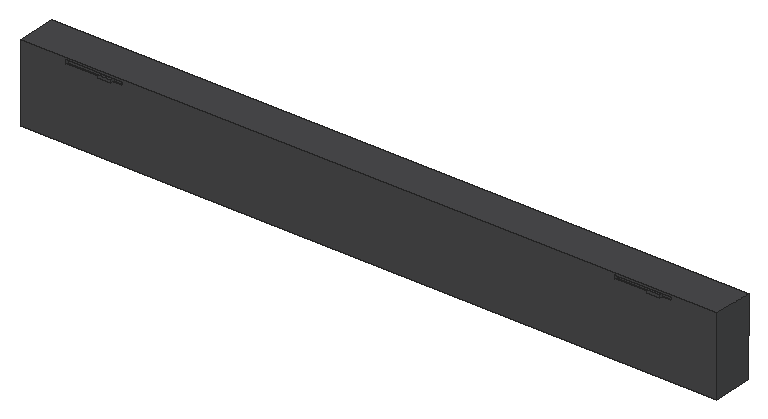
Revit family "DOT BLOCK CEILLING 646_DTSM30W6.1.24", category Luminarias, Revit 2019
Family settings
  Cota de conector redondo = Diámetro de uso
  Tipo de pieza = Normal
  Se basa en plano de trabajo = Sí
  Siempre vertical = Sí
  Corte con vacíos al cargar = No
  Origen de luz = Sí
  Compartido = No
  Punto de cálculo de habitación = No
Parameters (values of type "DOT BLOCK CEILLING 646_DTSM30W6.1.24")
  Ángulo de inclinación = 60.00°
  Zone [instance] = ""
  Watt per fixture = 30
  Wattage = 30 W
  built-in parameter 1150107 = 3000 (stored number, unit not read)
  built-in parameter 1150110 = 1 (stored number, unit not read)
  built-in parameter 1150109 = 1 (stored number, unit not read)
  built-in parameter 1150112 = 1 (stored number, unit not read)
  built-in parameter 1150113 = 1 (stored number, unit not read)
  built-in parameter 1114218 = 1 (stored number, unit not read)
  Keynote = ""
  built-in parameter 1150137 = (empty or 0)
  built-in parameter 1150132 = (empty or 0)
  Modelo = "DTSM30W6.1.24"
  Lámpara = "3030SMD PHILIPS"
  built-in parameter 1150105 = 202.92 (stored number, unit not read)
  built-in parameter 1150102 = (empty or 0)
  built-in parameter 1150106 = 2.0292 (stored number, unit not read)
  Lumens = 2550 lm
  Color Filter = 16777215
  built-in parameter 1114217 = 1 (stored number, unit not read)
  built-in parameter 1150139 = (empty or 0)
  Fabricante = "BRILLANT"
  Default Elevation = 1219.2 mm
  built-in parameter 1150104 = 7.8968 (stored number, unit not read)
  Descripción = "LUMINARIA DOWNLIGHT EN FORMATO RECTANGULAR PARA SOBREPONER DIRECTO EN TECHO, CUERPO DE ALUMINIO ACABADO EN COLOR NEGRO, IP 20, PESO 1.40Kg, TIPO DE LED 3030SMD PHILIPS CON 30W TOTAL, 1400 LUMENES, 85LM/W, IRC 90, TEMPERATURA EN BLANCO CALIDO 3000K, 50 MIL HORAS DE VIDA PROMEDIO, APERTURA DE 24 GRADOS POR STOCK, ALIMENTADO A 90-240V"
  built-in parameter 1150115 = 1 (stored number, unit not read)
  built-in parameter 1150114 = 1 (stored number, unit not read)
  Comentarios de vataje = "90-240V"
  built-in parameter 1150138 = (empty or 0)
  built-in parameter 1150134 = (empty or 0)
  Circuit [instance] = ""
  Dimming Lamp Color Temperature Shift = (empty or 0)
  Archivo de red fotométrica = "L646A-30W-830-B-24_IESNA95.IES"
  built-in parameter 1150133 = 10 (stored number, unit not read)
Reference planes
  plane 1 "Centro (Frontal/Posterior)": y = 0
  plane 2: z = 0
  plane 3 "Centro (Izquierda/Derecha)": x = 0
Forms (mm)
  Extrusion 1, solid, material "Default Form", not visible
    sketch origin (0, 0, 0) x (1, 0, 0) y (0, 0, 1)
      loop
        line (-473, 0) -> (-473, -72) -> (473, -72) -> (473, 0) -> (-473, 0)
    from -18.326 to 18.326
  Blend 2, void, not visible
    base sketch origin (-293.63, 0, 0) x (1, 0, 0) y (0, 1, 0)
      loop
        line (-162, 16.149) -> (-162, -16.149) -> (-144.14, -16.149) -> (-144.14, 16.149) -> (-162, 16.149)
    top sketch origin (-293.63, 0, 0) x (1, 0, 0) y (0, 1, 0)
      loop
        line (-160, 12.149) -> (-160, -12.149) -> (-146.14, -12.149) -> (-146.14, 12.149) -> (-160, 12.149)
    from -72 to -61.591
  Blend 3, void, not visible
    base sketch origin (-267.33, 0, 0) x (1, 0, 0) y (0, 1, 0)
      loop
        line (-162, 16.149) -> (-162, -16.149) -> (-144.14, -16.149) -> (-144.14, 16.149) -> (-162, 16.149)
    top sketch origin (-267.33, 0, 0) x (1, 0, 0) y (0, 1, 0)
      loop
        line (-160, 12.149) -> (-160, -12.149) -> (-146.14, -12.149) -> (-146.14, 12.149) -> (-160, 12.149)
    from -72 to -61.591
  Blend 4, void, not visible
    base sketch origin (-241.03, 0, 0) x (1, 0, 0) y (0, 1, 0)
      loop
        line (-162, 16.149) -> (-162, -16.149) -> (-144.14, -16.149) -> (-144.14, 16.149) -> (-162, 16.149)
    top sketch origin (-241.03, 0, 0) x (1, 0, 0) y (0, 1, 0)
      loop
        line (-160, 12.149) -> (-160, -12.149) -> (-146.14, -12.149) -> (-146.14, 12.149) -> (-160, 12.149)
    from -72 to -61.591
  Blend 5, void, not visible
    base sketch origin (-214.73, 0, 0) x (1, 0, 0) y (0, 1, 0)
      loop
        line (-162, 16.149) -> (-162, -16.149) -> (-144.14, -16.149) -> (-144.14, 16.149) -> (-162, 16.149)
    top sketch origin (-214.73, 0, 0) x (1, 0, 0) y (0, 1, 0)
      loop
        line (-160, 12.149) -> (-160, -12.149) -> (-146.14, -12.149) -> (-146.14, 12.149) -> (-160, 12.149)
    from -72 to -61.591
  Blend 6, void, not visible
    base sketch origin (-188.43, 0, 0) x (1, 0, 0) y (0, 1, 0)
      loop
        line (-162, 16.149) -> (-162, -16.149) -> (-144.14, -16.149) -> (-144.14, 16.149) -> (-162, 16.149)
    top sketch origin (-188.43, 0, 0) x (1, 0, 0) y (0, 1, 0)
      loop
        line (-160, 12.149) -> (-160, -12.149) -> (-146.14, -12.149) -> (-146.14, 12.149) -> (-160, 12.149)
    from -72 to -61.591
  Blend 7, void, not visible
    base sketch origin (-162.13, 0, 0) x (1, 0, 0) y (0, 1, 0)
      loop
        line (-162, 16.149) -> (-162, -16.149) -> (-144.14, -16.149) -> (-144.14, 16.149) -> (-162, 16.149)
    top sketch origin (-162.13, 0, 0) x (1, 0, 0) y (0, 1, 0)
      loop
        line (-160, 12.149) -> (-160, -12.149) -> (-146.14, -12.149) -> (-146.14, 12.149) -> (-160, 12.149)
    from -72 to -61.591
  Blend 8, void, not visible
    base sketch origin (-135.83, 0, 0) x (1, 0, 0) y (0, 1, 0)
      loop
        line (-162, 16.149) -> (-162, -16.149) -> (-144.14, -16.149) -> (-144.14, 16.149) -> (-162, 16.149)
    top sketch origin (-135.83, 0, 0) x (1, 0, 0) y (0, 1, 0)
      loop
        line (-160, 12.149) -> (-160, -12.149) -> (-146.14, -12.149) -> (-146.14, 12.149) -> (-160, 12.149)
    from -72 to -61.591
  Blend 9, void, not visible
    base sketch origin (-109.53, 0, 0) x (1, 0, 0) y (0, 1, 0)
      loop
        line (-162, 16.149) -> (-162, -16.149) -> (-144.14, -16.149) -> (-144.14, 16.149) -> (-162, 16.149)
    top sketch origin (-109.53, 0, 0) x (1, 0, 0) y (0, 1, 0)
      loop
        line (-160, 12.149) -> (-160, -12.149) -> (-146.14, -12.149) -> (-146.14, 12.149) -> (-160, 12.149)
    from -72 to -61.591
  Blend 10, void, not visible
    base sketch origin (-83.23, 0, 0) x (1, 0, 0) y (0, 1, 0)
      loop
        line (-162, 16.149) -> (-162, -16.149) -> (-144.14, -16.149) -> (-144.14, 16.149) -> (-162, 16.149)
    top sketch origin (-83.23, 0, 0) x (1, 0, 0) y (0, 1, 0)
      loop
        line (-160, 12.149) -> (-160, -12.149) -> (-146.14, -12.149) -> (-146.14, 12.149) -> (-160, 12.149)
    from -72 to -61.591
  Blend 11, void, not visible
    base sketch origin (-56.93, 0, 0) x (1, 0, 0) y (0, 1, 0)
      loop
        line (-162, 16.149) -> (-162, -16.149) -> (-144.14, -16.149) -> (-144.14, 16.149) -> (-162, 16.149)
    top sketch origin (-56.93, 0, 0) x (1, 0, 0) y (0, 1, 0)
      loop
        line (-160, 12.149) -> (-160, -12.149) -> (-146.14, -12.149) -> (-146.14, 12.149) -> (-160, 12.149)
    from -72 to -61.591
  Blend 12, void, not visible
    base sketch origin (-30.63, 0, 0) x (1, 0, 0) y (0, 1, 0)
      loop
        line (-162, 16.149) -> (-162, -16.149) -> (-144.14, -16.149) -> (-144.14, 16.149) -> (-162, 16.149)
    top sketch origin (-30.63, 0, 0) x (1, 0, 0) y (0, 1, 0)
      loop
        line (-160, 12.149) -> (-160, -12.149) -> (-146.14, -12.149) -> (-146.14, 12.149) -> (-160, 12.149)
    from -72 to -61.591
  Blend 13, void, not visible
    base sketch origin (-4.33, 0, 0) x (1, 0, 0) y (0, 1, 0)
      loop
        line (-162, 16.149) -> (-162, -16.149) -> (-144.14, -16.149) -> (-144.14, 16.149) -> (-162, 16.149)
    top sketch origin (-4.33, 0, 0) x (1, 0, 0) y (0, 1, 0)
      loop
        line (-160, 12.149) -> (-160, -12.149) -> (-146.14, -12.149) -> (-146.14, 12.149) -> (-160, 12.149)
    from -72 to -61.591
  Blend 14, void, not visible
    base sketch origin (21.97, 0, 0) x (1, 0, 0) y (0, 1, 0)
      loop
        line (-162, 16.149) -> (-162, -16.149) -> (-144.14, -16.149) -> (-144.14, 16.149) -> (-162, 16.149)
    top sketch origin (21.97, 0, 0) x (1, 0, 0) y (0, 1, 0)
      loop
        line (-160, 12.149) -> (-160, -12.149) -> (-146.14, -12.149) -> (-146.14, 12.149) -> (-160, 12.149)
    from -72 to -61.591
  Blend 15, void, not visible
    base sketch origin (48.27, 0, 0) x (1, 0, 0) y (0, 1, 0)
      loop
        line (-162, 16.149) -> (-162, -16.149) -> (-144.14, -16.149) -> (-144.14, 16.149) -> (-162, 16.149)
    top sketch origin (48.27, 0, 0) x (1, 0, 0) y (0, 1, 0)
      loop
        line (-160, 12.149) -> (-160, -12.149) -> (-146.14, -12.149) -> (-146.14, 12.149) -> (-160, 12.149)
    from -72 to -61.591
  Blend 16, void, not visible
    base sketch origin (74.57, 0, 0) x (1, 0, 0) y (0, 1, 0)
      loop
        line (-162, 16.149) -> (-162, -16.149) -> (-144.14, -16.149) -> (-144.14, 16.149) -> (-162, 16.149)
    top sketch origin (74.57, 0, 0) x (1, 0, 0) y (0, 1, 0)
      loop
        line (-160, 12.149) -> (-160, -12.149) -> (-146.14, -12.149) -> (-146.14, 12.149) -> (-160, 12.149)
    from -72 to -61.591
  Blend 17, void, not visible
    base sketch origin (100.87, 0, 0) x (1, 0, 0) y (0, 1, 0)
      loop
        line (-162, 16.149) -> (-162, -16.149) -> (-144.14, -16.149) -> (-144.14, 16.149) -> (-162, 16.149)
    top sketch origin (100.87, 0, 0) x (1, 0, 0) y (0, 1, 0)
      loop
        line (-160, 12.149) -> (-160, -12.149) -> (-146.14, -12.149) -> (-146.14, 12.149) -> (-160, 12.149)
    from -72 to -61.591
  Blend 18, void, not visible
    base sketch origin (127.17, 0, 0) x (1, 0, 0) y (0, 1, 0)
      loop
        line (-162, 16.149) -> (-162, -16.149) -> (-144.14, -16.149) -> (-144.14, 16.149) -> (-162, 16.149)
    top sketch origin (127.17, 0, 0) x (1, 0, 0) y (0, 1, 0)
      loop
        line (-160, 12.149) -> (-160, -12.149) -> (-146.14, -12.149) -> (-146.14, 12.149) -> (-160, 12.149)
    from -72 to -61.591
  Blend 19, void, not visible
    base sketch origin (153.47, 0, 0) x (1, 0, 0) y (0, 1, 0)
      loop
        line (-162, 16.149) -> (-162, -16.149) -> (-144.14, -16.149) -> (-144.14, 16.149) -> (-162, 16.149)
    top sketch origin (153.47, 0, 0) x (1, 0, 0) y (0, 1, 0)
      loop
        line (-160, 12.149) -> (-160, -12.149) -> (-146.14, -12.149) -> (-146.14, 12.149) -> (-160, 12.149)
    from -72 to -61.591
  Blend 20, void, not visible
    base sketch origin (179.77, 0, 0) x (1, 0, 0) y (0, 1, 0)
      loop
        line (-162, 16.149) -> (-162, -16.149) -> (-144.14, -16.149) -> (-144.14, 16.149) -> (-162, 16.149)
    top sketch origin (179.77, 0, 0) x (1, 0, 0) y (0, 1, 0)
      loop
        line (-160, 12.149) -> (-160, -12.149) -> (-146.14, -12.149) -> (-146.14, 12.149) -> (-160, 12.149)
    from -72 to -61.591
  Blend 21, void, not visible
    base sketch origin (206.07, 0, 0) x (1, 0, 0) y (0, 1, 0)
      loop
        line (-162, 16.149) -> (-162, -16.149) -> (-144.14, -16.149) -> (-144.14, 16.149) -> (-162, 16.149)
    top sketch origin (206.07, 0, 0) x (1, 0, 0) y (0, 1, 0)
      loop
        line (-160, 12.149) -> (-160, -12.149) -> (-146.14, -12.149) -> (-146.14, 12.149) -> (-160, 12.149)
    from -72 to -61.591
  Blend 22, void, not visible
    base sketch origin (232.37, 0, 0) x (1, 0, 0) y (0, 1, 0)
      loop
        line (-162, 16.149) -> (-162, -16.149) -> (-144.14, -16.149) -> (-144.14, 16.149) -> (-162, 16.149)
    top sketch origin (232.37, 0, 0) x (1, 0, 0) y (0, 1, 0)
      loop
        line (-160, 12.149) -> (-160, -12.149) -> (-146.14, -12.149) -> (-146.14, 12.149) -> (-160, 12.149)
    from -72 to -61.591
  Blend 23, void, not visible
    base sketch origin (258.67, 0, 0) x (1, 0, 0) y (0, 1, 0)
      loop
        line (-162, 16.149) -> (-162, -16.149) -> (-144.14, -16.149) -> (-144.14, 16.149) -> (-162, 16.149)
    top sketch origin (258.67, 0, 0) x (1, 0, 0) y (0, 1, 0)
      loop
        line (-160, 12.149) -> (-160, -12.149) -> (-146.14, -12.149) -> (-146.14, 12.149) -> (-160, 12.149)
    from -72 to -61.591
  Blend 24, void, not visible
    base sketch origin (284.97, 0, 0) x (1, 0, 0) y (0, 1, 0)
      loop
        line (-162, 16.149) -> (-162, -16.149) -> (-144.14, -16.149) -> (-144.14, 16.149) -> (-162, 16.149)
    top sketch origin (284.97, 0, 0) x (1, 0, 0) y (0, 1, 0)
      loop
        line (-160, 12.149) -> (-160, -12.149) -> (-146.14, -12.149) -> (-146.14, 12.149) -> (-160, 12.149)
    from -72 to -61.591
  Blend 25, void, not visible
    base sketch origin (311.27, 0, 0) x (1, 0, 0) y (0, 1, 0)
      loop
        line (-162, 16.149) -> (-162, -16.149) -> (-144.14, -16.149) -> (-144.14, 16.149) -> (-162, 16.149)
    top sketch origin (311.27, 0, 0) x (1, 0, 0) y (0, 1, 0)
      loop
        line (-160, 12.149) -> (-160, -12.149) -> (-146.14, -12.149) -> (-146.14, 12.149) -> (-160, 12.149)
    from -72 to -61.591
  Blend 26, void, not visible
    base sketch origin (337.57, 0, 0) x (1, 0, 0) y (0, 1, 0)
      loop
        line (-162, 16.149) -> (-162, -16.149) -> (-144.14, -16.149) -> (-144.14, 16.149) -> (-162, 16.149)
    top sketch origin (337.57, 0, 0) x (1, 0, 0) y (0, 1, 0)
      loop
        line (-160, 12.149) -> (-160, -12.149) -> (-146.14, -12.149) -> (-146.14, 12.149) -> (-160, 12.149)
    from -72 to -61.591
  Blend 27, void, not visible
    base sketch origin (363.87, 0, 0) x (1, 0, 0) y (0, 1, 0)
      loop
        line (-162, 16.149) -> (-162, -16.149) -> (-144.14, -16.149) -> (-144.14, 16.149) -> (-162, 16.149)
    top sketch origin (363.87, 0, 0) x (1, 0, 0) y (0, 1, 0)
      loop
        line (-160, 12.149) -> (-160, -12.149) -> (-146.14, -12.149) -> (-146.14, 12.149) -> (-160, 12.149)
    from -72 to -61.591
  Blend 28, void, not visible
    base sketch origin (390.17, 0, 0) x (1, 0, 0) y (0, 1, 0)
      loop
        line (-162, 16.149) -> (-162, -16.149) -> (-144.14, -16.149) -> (-144.14, 16.149) -> (-162, 16.149)
    top sketch origin (390.17, 0, 0) x (1, 0, 0) y (0, 1, 0)
      loop
        line (-160, 12.149) -> (-160, -12.149) -> (-146.14, -12.149) -> (-146.14, 12.149) -> (-160, 12.149)
    from -72 to -61.591
  Blend 29, void, not visible
    base sketch origin (416.47, 0, 0) x (1, 0, 0) y (0, 1, 0)
      loop
        line (-162, 16.149) -> (-162, -16.149) -> (-144.14, -16.149) -> (-144.14, 16.149) -> (-162, 16.149)
    top sketch origin (416.47, 0, 0) x (1, 0, 0) y (0, 1, 0)
      loop
        line (-160, 12.149) -> (-160, -12.149) -> (-146.14, -12.149) -> (-146.14, 12.149) -> (-160, 12.149)
    from -72 to -61.591
  Blend 30, void, not visible
    base sketch origin (442.77, 0, 0) x (1, 0, 0) y (0, 1, 0)
      loop
        line (-162, 16.149) -> (-162, -16.149) -> (-144.14, -16.149) -> (-144.14, 16.149) -> (-162, 16.149)
    top sketch origin (442.77, 0, 0) x (1, 0, 0) y (0, 1, 0)
      loop
        line (-160, 12.149) -> (-160, -12.149) -> (-146.14, -12.149) -> (-146.14, 12.149) -> (-160, 12.149)
    from -72 to -61.591
  Blend 31, void, not visible
    base sketch origin (469.07, 0, 0) x (1, 0, 0) y (0, 1, 0)
      loop
        line (-162, 16.149) -> (-162, -16.149) -> (-144.14, -16.149) -> (-144.14, 16.149) -> (-162, 16.149)
    top sketch origin (469.07, 0, 0) x (1, 0, 0) y (0, 1, 0)
      loop
        line (-160, 12.149) -> (-160, -12.149) -> (-146.14, -12.149) -> (-146.14, 12.149) -> (-160, 12.149)
    from -72 to -61.591
  Blend 32, void, not visible
    base sketch origin (495.37, 0, 0) x (1, 0, 0) y (0, 1, 0)
      loop
        line (-162, 16.149) -> (-162, -16.149) -> (-144.14, -16.149) -> (-144.14, 16.149) -> (-162, 16.149)
    top sketch origin (495.37, 0, 0) x (1, 0, 0) y (0, 1, 0)
      loop
        line (-160, 12.149) -> (-160, -12.149) -> (-146.14, -12.149) -> (-146.14, 12.149) -> (-160, 12.149)
    from -72 to -61.591
  Blend 33, void, not visible
    base sketch origin (521.67, 0, 0) x (1, 0, 0) y (0, 1, 0)
      loop
        line (-162, 16.149) -> (-162, -16.149) -> (-144.14, -16.149) -> (-144.14, 16.149) -> (-162, 16.149)
    top sketch origin (521.67, 0, 0) x (1, 0, 0) y (0, 1, 0)
      loop
        line (-160, 12.149) -> (-160, -12.149) -> (-146.14, -12.149) -> (-146.14, 12.149) -> (-160, 12.149)
    from -72 to -61.591
  Blend 34, void, not visible
    base sketch origin (547.97, 0, 0) x (1, 0, 0) y (0, 1, 0)
      loop
        line (-162, 16.149) -> (-162, -16.149) -> (-144.14, -16.149) -> (-144.14, 16.149) -> (-162, 16.149)
    top sketch origin (547.97, 0, 0) x (1, 0, 0) y (0, 1, 0)
      loop
        line (-160, 12.149) -> (-160, -12.149) -> (-146.14, -12.149) -> (-146.14, 12.149) -> (-160, 12.149)
    from -72 to -61.591
  Blend 35, void, not visible
    base sketch origin (574.27, 0, 0) x (1, 0, 0) y (0, 1, 0)
      loop
        line (-162, 16.149) -> (-162, -16.149) -> (-144.14, -16.149) -> (-144.14, 16.149) -> (-162, 16.149)
    top sketch origin (574.27, 0, 0) x (1, 0, 0) y (0, 1, 0)
      loop
        line (-160, 12.149) -> (-160, -12.149) -> (-146.14, -12.149) -> (-146.14, 12.149) -> (-160, 12.149)
    from -72 to -61.591
  Blend 36, void, not visible
    base sketch origin (600.57, 0, 0) x (1, 0, 0) y (0, 1, 0)
      loop
        line (-162, 16.149) -> (-162, -16.149) -> (-144.14, -16.149) -> (-144.14, 16.149) -> (-162, 16.149)
    top sketch origin (600.57, 0, 0) x (1, 0, 0) y (0, 1, 0)
      loop
        line (-160, 12.149) -> (-160, -12.149) -> (-146.14, -12.149) -> (-146.14, 12.149) -> (-160, 12.149)
    from -72 to -61.591
  Extrusion 37, solid, not visible
    sketch origin (-463.861, 0, 3.217) x (0, -1, 0) y (0, 0, -1)
      loop
        line (18.326, 3.217) -> (-18.326, 3.217) -> (-18.326, 73.917) -> (-32.183, 73.917) -> (-32.183, 72.617) -> (-19.626, 72.617) -> (-19.626, 1.917) -> (19.626, 1.917) -> (19.626, 72.617) -> (32.183, 72.617) -> (32.183, 73.917) -> (18.326, 73.917) -> (18.326, 3.217)
    from 89.098 to 128.24
  Extrusion 38, solid, not visible
    sketch origin (-246.523, 0, 3.217) x (0, -1, 0) y (0, 0, 1)
      loop
        line (-19.626, -1.917) -> (19.626, -1.917) -> (19.626, -63.89) -> (20.426, -63.89) -> (20.426, -1.117) -> (-20.426, -1.117) -> (-20.426, -63.89) -> (-19.626, -63.89) -> (-19.626, -1.917)
    from 122.954 to 124.098
  Extrusion 39, solid, not visible
    sketch origin (-463.861, 0, 3.217) x (0, -1, 0) y (0, 0, -1)
      loop
        line (-19.626, 1.917) -> (-19.626, 63.89) -> (-20.426, 63.89) -> (-20.426, 1.117) -> (20.426, 1.117) -> (20.426, 63.89) -> (19.626, 63.89) -> (19.626, 1.917) -> (-19.626, 1.917)
    from 122.954 to 124.098
  Extrusion 40, void, not visible
    sketch origin (0, 0, 0) x (1, 0, 0) y (0, 1, 0)
      loop
        circle (-363.799, -25.904) r 2.055
      loop
        circle (-346.585, -25.904) r 2.055
      loop
        circle (-363.799, 25.904) r 2.055
      loop
        circle (-346.585, 25.904) r 2.055
    from -70.7 to -69.4
  Blend 41, void
    base sketch origin (74.57, 130.851, 72) x (1, 0, 0) y (0, 1, 0)
      loop
        line (-162, -147) -> (-144.14, -147) -> (-144.14, -114.702) -> (-162, -114.702) -> (-162, -147)
    top sketch origin (74.57, 130.851, 72) x (1, 0, 0) y (0, 1, 0)
      loop
        line (-160, -143) -> (-146.14, -143) -> (-146.14, -118.702) -> (-160, -118.702) -> (-160, -143)
    from -72 to -61.591
  Blend 42, void
    base sketch origin (100.87, 130.851, 72) x (1, 0, 0) y (0, 1, 0)
      loop
        line (-162, -147) -> (-144.14, -147) -> (-144.14, -114.702) -> (-162, -114.702) -> (-162, -147)
    top sketch origin (100.87, 130.851, 72) x (1, 0, 0) y (0, 1, 0)
      loop
        line (-160, -143) -> (-146.14, -143) -> (-146.14, -118.702) -> (-160, -118.702) -> (-160, -143)
    from -72 to -61.591
  Blend 43, void
    base sketch origin (127.17, 130.851, 72) x (1, 0, 0) y (0, 1, 0)
      loop
        line (-162, -147) -> (-144.14, -147) -> (-144.14, -114.702) -> (-162, -114.702) -> (-162, -147)
    top sketch origin (127.17, 130.851, 72) x (1, 0, 0) y (0, 1, 0)
      loop
        line (-160, -143) -> (-146.14, -143) -> (-146.14, -118.702) -> (-160, -118.702) -> (-160, -143)
    from -72 to -61.591
  Blend 44, void
    base sketch origin (153.47, 130.851, 72) x (1, 0, 0) y (0, 1, 0)
      loop
        line (-162, -147) -> (-144.14, -147) -> (-144.14, -114.702) -> (-162, -114.702) -> (-162, -147)
    top sketch origin (153.47, 130.851, 72) x (1, 0, 0) y (0, 1, 0)
      loop
        line (-160, -143) -> (-146.14, -143) -> (-146.14, -118.702) -> (-160, -118.702) -> (-160, -143)
    from -72 to -61.591
  Blend 45, void
    base sketch origin (179.77, 130.851, 72) x (1, 0, 0) y (0, 1, 0)
      loop
        line (-162, -147) -> (-144.14, -147) -> (-144.14, -114.702) -> (-162, -114.702) -> (-162, -147)
    top sketch origin (179.77, 130.851, 72) x (1, 0, 0) y (0, 1, 0)
      loop
        line (-160, -143) -> (-146.14, -143) -> (-146.14, -118.702) -> (-160, -118.702) -> (-160, -143)
    from -72 to -61.591
  Blend 46, void
    base sketch origin (206.07, 130.851, 72) x (1, 0, 0) y (0, 1, 0)
      loop
        line (-162, -147) -> (-144.14, -147) -> (-144.14, -114.702) -> (-162, -114.702) -> (-162, -147)
    top sketch origin (206.07, 130.851, 72) x (1, 0, 0) y (0, 1, 0)
      loop
        line (-160, -143) -> (-146.14, -143) -> (-146.14, -118.702) -> (-160, -118.702) -> (-160, -143)
    from -72 to -61.591
  Blend 47, void
    base sketch origin (232.37, 130.851, 72) x (1, 0, 0) y (0, 1, 0)
      loop
        line (-162, -147) -> (-144.14, -147) -> (-144.14, -114.702) -> (-162, -114.702) -> (-162, -147)
    top sketch origin (232.37, 130.851, 72) x (1, 0, 0) y (0, 1, 0)
      loop
        line (-160, -143) -> (-146.14, -143) -> (-146.14, -118.702) -> (-160, -118.702) -> (-160, -143)
    from -72 to -61.591
  Extrusion 48, solid, material "Default Form"
    sketch origin (0, 0, 72) x (1, 0, 0) y (0, 0, -1)
      loop
        line (-323, 0) -> (323, 0) -> (323, 72) -> (-323, 72) -> (-323, 0)
    from -18.326 to 18.326
  Blend 49, void
    base sketch origin (258.67, 130.851, 72) x (1, 0, 0) y (0, 1, 0)
      loop
        line (-162, -147) -> (-144.14, -147) -> (-144.14, -114.702) -> (-162, -114.702) -> (-162, -147)
    top sketch origin (258.67, 130.851, 72) x (1, 0, 0) y (0, 1, 0)
      loop
        line (-160, -143) -> (-146.14, -143) -> (-146.14, -118.702) -> (-160, -118.702) -> (-160, -143)
    from -72 to -61.591
  Blend 50, void
    base sketch origin (284.97, 130.851, 72) x (1, 0, 0) y (0, 1, 0)
      loop
        line (-162, -147) -> (-144.14, -147) -> (-144.14, -114.702) -> (-162, -114.702) -> (-162, -147)
    top sketch origin (284.97, 130.851, 72) x (1, 0, 0) y (0, 1, 0)
      loop
        line (-160, -143) -> (-146.14, -143) -> (-146.14, -118.702) -> (-160, -118.702) -> (-160, -143)
    from -72 to -61.591
  Blend 51, void
    base sketch origin (21.97, 130.851, 72) x (1, 0, 0) y (0, 1, 0)
      loop
        line (-162, -147) -> (-144.14, -147) -> (-144.14, -114.702) -> (-162, -114.702) -> (-162, -147)
    top sketch origin (21.97, 130.851, 72) x (1, 0, 0) y (0, 1, 0)
      loop
        line (-160, -143) -> (-146.14, -143) -> (-146.14, -118.702) -> (-160, -118.702) -> (-160, -143)
    from -72 to -61.591
  Blend 52, void
    base sketch origin (48.27, 130.851, 72) x (1, 0, 0) y (0, 1, 0)
      loop
        line (-162, -147) -> (-144.14, -147) -> (-144.14, -114.702) -> (-162, -114.702) -> (-162, -147)
    top sketch origin (48.27, 130.851, 72) x (1, 0, 0) y (0, 1, 0)
      loop
        line (-160, -143) -> (-146.14, -143) -> (-146.14, -118.702) -> (-160, -118.702) -> (-160, -143)
    from -72 to -61.591
  Extrusion 53, void
    sketch origin (-158.75, 0, 0) x (1, 0, 0) y (0, 1, 0)
      loop
        line (-122.17, -18.326) -> (-69.57, -18.326) -> (-69.57, -16.149) -> (-122.17, -16.149) -> (-122.17, -18.326)
      loop
        line (-122.17, 18.326) -> (-122.17, 16.149) -> (-69.57, 16.149) -> (-69.57, 18.326) -> (-122.17, 18.326)
    from 66.852 to 70.535
  Extrusion 54, solid, material "Default Form"
    sketch origin (125, 0, 0) x (1, 0, 0) y (0, 1, 0)
      loop
        line (146.935, -16.149) -> (145.601, -16.149) -> (145.601, -18.326) -> (135.101, -18.326) -> (135.101, -20.238) -> (146.935, -20.238) -> (146.935, -16.149)
      loop
        line (146.935, 16.149) -> (146.935, 20.238) -> (135.101, 20.238) -> (135.101, 18.326) -> (145.601, 18.326) -> (145.601, 16.149) -> (146.935, 16.149)
      loop
        line (-362.305, -16.149) -> (-363.639, -16.149) -> (-363.639, -18.326) -> (-374.139, -18.326) -> (-374.139, -20.238) -> (-362.305, -20.238) -> (-362.305, -16.149)
      loop
        line (-362.305, 16.149) -> (-362.305, 20.238) -> (-374.139, 20.238) -> (-374.139, 18.326) -> (-363.639, 18.326) -> (-363.639, 16.149) -> (-362.305, 16.149)
    from 67.466 to 69.773
  Extrusion 55, void
    sketch origin (158.75, 0, 0) x (-1, 0, 0) y (0, -1, 0)
      loop
        line (-122.17, 18.326) -> (-122.17, 16.149) -> (-69.57, 16.149) -> (-69.57, 18.326) -> (-122.17, 18.326)
      loop
        line (-122.17, -18.326) -> (-69.57, -18.326) -> (-69.57, -16.149) -> (-122.17, -16.149) -> (-122.17, -18.326)
    from 66.852 to 70.535
  Blend 56, void
    base sketch origin (311.27, 130.851, 72) x (1, 0, 0) y (0, 1, 0)
      loop
        line (-162, -147) -> (-144.14, -147) -> (-144.14, -114.702) -> (-162, -114.702) -> (-162, -147)
    top sketch origin (311.27, 130.851, 72) x (1, 0, 0) y (0, 1, 0)
      loop
        line (-160, -143) -> (-146.14, -143) -> (-146.14, -118.702) -> (-160, -118.702) -> (-160, -143)
    from -72 to -61.591
  Blend 57, void
    base sketch origin (337.57, 130.851, 72) x (1, 0, 0) y (0, 1, 0)
      loop
        line (-162, -147) -> (-144.14, -147) -> (-144.14, -114.702) -> (-162, -114.702) -> (-162, -147)
    top sketch origin (337.57, 130.851, 72) x (1, 0, 0) y (0, 1, 0)
      loop
        line (-160, -143) -> (-146.14, -143) -> (-146.14, -118.702) -> (-160, -118.702) -> (-160, -143)
    from -72 to -61.591
  Blend 58, void
    base sketch origin (363.87, 130.851, 72) x (1, 0, 0) y (0, 1, 0)
      loop
        line (-162, -147) -> (-144.14, -147) -> (-144.14, -114.702) -> (-162, -114.702) -> (-162, -147)
    top sketch origin (363.87, 130.851, 72) x (1, 0, 0) y (0, 1, 0)
      loop
        line (-160, -143) -> (-146.14, -143) -> (-146.14, -118.702) -> (-160, -118.702) -> (-160, -143)
    from -72 to -61.591
  Blend 59, void
    base sketch origin (390.17, 130.851, 72) x (1, 0, 0) y (0, 1, 0)
      loop
        line (-162, -147) -> (-144.14, -147) -> (-144.14, -114.702) -> (-162, -114.702) -> (-162, -147)
    top sketch origin (390.17, 130.851, 72) x (1, 0, 0) y (0, 1, 0)
      loop
        line (-160, -143) -> (-146.14, -143) -> (-146.14, -118.702) -> (-160, -118.702) -> (-160, -143)
    from -72 to -61.591
  Blend 60, void
    base sketch origin (-30.63, 130.851, 72) x (1, 0, 0) y (0, 1, 0)
      loop
        line (-162, -147) -> (-144.14, -147) -> (-144.14, -114.702) -> (-162, -114.702) -> (-162, -147)
    top sketch origin (-30.63, 130.851, 72) x (1, 0, 0) y (0, 1, 0)
      loop
        line (-160, -143) -> (-146.14, -143) -> (-146.14, -118.702) -> (-160, -118.702) -> (-160, -143)
    from -72 to -61.591
  Blend 61, void
    base sketch origin (-4.33, 130.851, 72) x (1, 0, 0) y (0, 1, 0)
      loop
        line (-162, -147) -> (-144.14, -147) -> (-144.14, -114.702) -> (-162, -114.702) -> (-162, -147)
    top sketch origin (-4.33, 130.851, 72) x (1, 0, 0) y (0, 1, 0)
      loop
        line (-160, -143) -> (-146.14, -143) -> (-146.14, -118.702) -> (-160, -118.702) -> (-160, -143)
    from -72 to -61.591
  Blend 62, void
    base sketch origin (-83.23, 130.851, 72) x (1, 0, 0) y (0, 1, 0)
      loop
        line (-162, -147) -> (-144.14, -147) -> (-144.14, -114.702) -> (-162, -114.702) -> (-162, -147)
    top sketch origin (-83.23, 130.851, 72) x (1, 0, 0) y (0, 1, 0)
      loop
        line (-160, -143) -> (-146.14, -143) -> (-146.14, -118.702) -> (-160, -118.702) -> (-160, -143)
    from -72 to -61.591
  Blend 63, void
    base sketch origin (-56.93, 130.851, 72) x (1, 0, 0) y (0, 1, 0)
      loop
        line (-162, -147) -> (-144.14, -147) -> (-144.14, -114.702) -> (-162, -114.702) -> (-162, -147)
    top sketch origin (-56.93, 130.851, 72) x (1, 0, 0) y (0, 1, 0)
      loop
        line (-160, -143) -> (-146.14, -143) -> (-146.14, -118.702) -> (-160, -118.702) -> (-160, -143)
    from -72 to -61.591
Cuts and joins
  Blend 41, Blend 42, Blend 43, Blend 44, Blend 45, Blend 46, Blend 47, Blend 49, Blend 50, Blend 51, Blend 52, Extrusion 53, Extrusion 55, Blend 56, Blend 57, Blend 58, Blend 59, Blend 60, Blend 61, Blend 62, Blend 63 cuts Extrusion 48
  Extrusion 55 cuts Extrusion 54
Dimensions and locks
  cut or joined group 1 (Blend 41, Blend 42, Blend 43, Blend 44, Blend 45, Blend 46, Blend 47, Extrusion 48, Blend 49, Blend 50, Blend 51, Blend 52, Extrusion 53, Extrusion 55, Blend 56, Blend 57, Blend 58, Blend 59, Blend 60, Blend 61, Blend 62, Blend 63) to cut or joined group 1 = 72 mm  (x2)
  cut or joined group 1 to cut or joined group 1 = 36.651 mm
  cut or joined group 1 to cut or joined group 1 = 646 mm
  cut or joined group 1 to cut or joined group 1 = 42.08 mm  (x2)
  aligned and locked: level to plane 2
Connectors
  electrical at (0, 0, 72)
    settings: on cut or joined group 1, index 1, voltage 0 V, apparent load 0 VA, apparent load phase1 0 VA, apparent load phase2 0 VA, apparent load phase3 0 VA, power factor 1, load classification "Otro", number of poles 1, system type 31, power factor state 1, is connector primary yes, connector utility no, sub classification motor no, connector description ""
